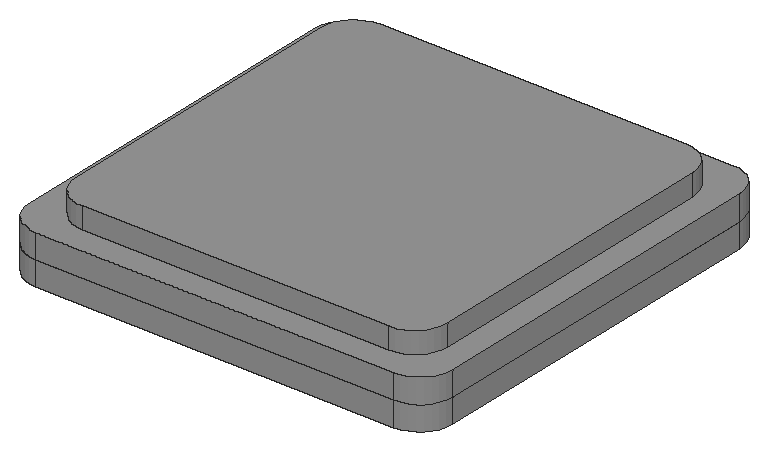
Revit family "FMS2_63_UN_Surface-mounted_ETK", category Lighting Fixtures, Revit 2019 (continued)
Definition of nested family "FMS.2 - Lightsource"
  Types (14, lengths in mm): name | Wattage Comments | Wattage | built-in parameter 1150134 | Photometric Web File | built-in parameter 1150142 | built-in parameter 1150105 | Lumens | built-in parameter 1150107 | built-in parameter 1150106 | Apparent Load
      981.0936\t980.235\t979.6626\r\n978.804\t977.9454\t977.0868\t975.6558\t974.511\t973.3662\t972.5076\t971.3628\t969.9318\t968.787\r\n967.6422\t965.925\t964.2078\t962.7768\t961.632\t960.4872\t959.0562\t957.339\t955.6218\t952.7598\r\n949.6116\t946.7496\t943.6014\t940.4532\t937.5912\t934.1568\t931.0086\t927.8604\t924.1398\t920.7054\r\n917.271\t913.8366\t910.6884\t907.254\t903.5334\t899.8128\t896.0922\t892.6578\t889.2234\t885.5028\r\n881.7822\t878.0616\t874.341\t870.6204\t866.6136\t862.3206\t857.169\t852.3036\t847.152\t842.0004\r\n836.5626\t831.411\t826.2594\t821.394\t816.2424\t811.0908\t805.9392\t800.7876\t795.3498\t789.6258\r\n784.188\t779.0364\t773.8848\t768.7332\t763.5816\t758.43\t753.2784\t747.8406\t742.1166\t735.8202\r\n728.9514\t722.3688\t716.0724\t709.4898\t703.1934\t696.897\t690.6006\t684.018\t677.1492\t670.5666\r\n663.984\t657.4014\t650.8188\t644.2362\t637.9398\t631.3572\t625.0608\t618.7644\t612.1818\t605.313\r\n598.4442\t591.003\t583.5618\t576.1206\t568.6794\t561.5244\t554.0832\t546.642\t539.2008\t532.0458\r\n524.6046\t517.4496\t510.2946\t502.8534\t495.6984\t488.2572\t481.1022\t473.9472\t466.7922\t459.0648\r\n451.0512\t443.0376\t435.3102\t427.2966\t419.5692\t411.5556\t403.8282\t395.8146\t388.0872\t380.3598\r\n372.3462\t364.6188\t356.8914\t349.164\t341.4366\t333.7092\t325.9818\t318.2544\t310.527\t302.5134\r\n294.786\t287.0586\t279.3884\t271.6897\t264.0195\t256.378\t248.765\t241.1807\t233.6251\t226.0694\r\n218.5709\t211.0725\t204.0034\t197.0201\t190.0368\t183.0821\t176.1561\t169.2587\t162.3613\t155.4638\r\n148.5664\t141.7262\t134.8574\t128.0459\t121.2343\t114.4514\t105.8368\t90.5251\t75.242\t59.9303\r\n44.6472\t29.3641\t14.0667\t0\t0\t0\t0\t0\t0\t0\r\n0\r\n985.6728\t985.1004\t984.528\t983.9556\t983.097\t982.2384\t981.666\t980.8074\t980.235\t979.3764\r\n978.5178\t977.9454\t977.0868\t975.942\t974.7972\t973.6524\t972.5076\t971.3628\t970.218\t969.0732\r\n967.9284\t966.7836\t965.6388\t963.9216\t962.4906\t960.7734\t959.6286\t957.0528\t954.477\t951.615\r\n948.753\t945.6048\t942.7428\t939.5946\t936.7326\t933.5844\t930.4362\t927.288\t924.1398\t920.9916\r\n917.8434\t914.6952\t911.2608\t907.8264\t904.392\t900.9576\t897.8094\t894.375\t890.6544\t886.9338\r\n883.2132\t879.2064\t874.9134\t870.3342\t865.755\t860.8896\t856.0242\t851.1588\t846.2934\t841.428\r\n836.2764\t831.411\t826.5456\t821.394\t816.2424\t811.377\t806.2254\t801.36\t796.2084\t791.343\r\n786.4776\t781.6122\t776.7468\t771.5952\t766.4436\t759.861\t753.5646\t747.2682\t740.9718\t734.6754\r\n728.379\t722.3688\t716.0724\t709.776\t703.4796\t697.1832\t690.8868\t684.3042\t677.7216\t671.4252\r\n665.1288\t658.8324\t652.536\t646.2396\t639.9432\t633.6468\t626.4918\t619.3368\t612.1818\t605.0268\r\n597.8718\t590.4306\t583.2756\t576.1206\t568.9656\t562.0968\t554.9418\t547.7868\t540.6318\t533.4768\r\n526.3218\t519.1668\t512.0118\t504.8568\t497.988\t490.5468\t482.5332\t474.8058\t467.0784\t459.351\r\n451.6236\t443.8962\t436.1688\t428.1552\t420.4278\t412.7004\t404.973\t397.2456\t389.5182\t381.7908\r\n374.0634\t366.6222\t358.8948\t351.1674\t343.1538\t335.4264\t327.699\t319.9716\t312.2442\t304.2306\r\n296.5032\t288.7758\t281.077\t273.4069\t265.7367\t258.0952\t250.4822\t242.8979\t235.285\t227.7866\r\n220.603\t213.448\t206.3216\t199.1952\t192.0974\t184.9997\t177.9305\t170.89\t163.8209\t156.7804\r\n149.7398\t142.7279\t135.716\t128.7328\t121.7495\t111.5894\t96.3635\t81.1377\t65.9119\t50.686\r\n35.4602\t20.2544\t5.0428\t0\t0\t0\t0\t0\t0\t0\r\n0\r\n985.6728\t985.1004\t984.2418\t983.6694\t983.097\t982.2384\t981.3798\t980.8074\t979.9488\t979.3764\r\n978.5178\t977.6592\t976.8006\t975.942\t975.0834\t974.2248\t973.08\t971.9352\t970.7904\t969.6456\r\n968.5008\t967.356\t966.2112\t965.0664\t963.9216\t961.632\t958.77\t955.908\t953.046\t950.184\r\n947.6082\t945.0324\t942.1704\t939.3084\t936.4464\t933.2982\t930.4362\t927.288\t924.426\t921.2778\r\n918.1296\t914.9814\t911.8332\t908.685\t905.5368\t902.3886\t899.2404\t896.0922\t892.6578\t888.0786\r\n883.4994\t878.9202\t874.341\t869.4756\t864.8964\t860.031\t855.1656\t850.3002\t845.721\t841.1418\r\n836.2764\t831.6972\t826.8318\t822.2526\t817.3872\t812.808\t807.9426\t803.0772\t798.2118\t793.3464\r\n788.481\t782.757\t776.4606\t770.4504\t764.4402\t758.43\t752.4198\t746.4096\t740.3994\t734.3892\r\n728.379\t722.3688\t716.3586\t710.0622\t703.7658\t697.7556\t691.4592\t685.449\t679.1526\t673.1424\r\n667.1322\t661.122\t654.2532\t647.3844\t640.5156\t633.6468\t626.4918\t619.3368\t612.468\t605.313\r\n598.4442\t591.2892\t584.1342\t577.2654\t570.1104\t563.2416\t556.0866\t549.2178\t542.349\t535.194\r\n528.3252\t521.4564\t513.729\t505.7154\t497.988\t490.2606\t482.8194\t475.092\t467.3646\t459.9234\r\n452.196\t444.7548\t437.0274\t429.5862\t421.8588\t414.1314\t406.6902\t398.9628\t391.5216\t384.0804\r\n376.0668\t368.3394\t360.3258\t352.5984\t344.5848\t336.8574\t328.8438\t321.1164\t313.389\t305.6616\r\n297.9342\t290.2068\t282.508\t274.8092\t267.1105\t259.4117\t251.7415\t244.1572\t236.8877\t229.6183\r\n222.3774\t215.1365\t207.9243\t200.7121\t193.4998\t186.3162\t179.1326\t171.9776\t164.8226\t157.6962\r\n150.5698\t143.4434\t136.3171\t129.2193\t118.5727\t103.3468\t88.1496\t72.9524\t57.7552\t42.5579\r\n27.375\t12.1807\t0\t0\t0\t0\t0\t0\t0\t0\r\n0\r\n985.6728\t985.1004\t984.2418\t983.6694\t983.097\t982.2384\t981.3798\t980.8074\t979.9488\t979.0902\r\n978.5178\t977.6592\t976.8006\t975.942\t975.0834\t974.2248\t973.3662\t972.5076\t971.3628\t970.5042\r\n969.3594\t968.2146\t967.0698\t965.925\t963.063\t960.4872\t957.9114\t955.3356\t952.7598\t949.8978\r\n947.0358\t944.46\t941.598\t938.736\t936.1602\t933.2982\t930.4362\t927.5742\t924.7122\t921.8502\r\n918.9882\t916.1262\t912.978\t910.116\t906.9678\t903.8196\t900.099\t895.806\t891.2268\t886.6476\r\n882.3546\t878.0616\t873.4824\t869.1894\t864.8964\t860.031\t855.4518\t850.8726\t846.2934\t841.7142\r\n837.135\t832.5558\t827.9766\t823.3974\t818.8182\t814.239\t809.6598\t805.0806\t799.3566\t793.3464\r\n787.3362\t781.6122\t775.602\t769.878\t763.8678\t758.1438\t752.4198\t746.4096\t740.3994\t734.6754\r\n728.6652\t722.9412\t716.931\t710.9208\t705.1968\t699.1866\t693.1764\t687.4524\t681.4422\t674.5734\r\n667.7046\t660.8358\t653.967\t647.0982\t640.2294\t633.3606\t626.4918\t619.623\t612.7542\t605.8854\r\n598.7304\t591.8616\t584.9928\t578.124\t571.2552\t564.3864\t557.5176\t550.6488\t543.78\t536.3388\r\n528.8976\t521.1702\t513.729\t506.0016\t498.5604\t491.1192\t483.3918\t475.9506\t468.2232\t460.782\r\n453.3408\t445.6134\t438.1722\t430.4448\t423.0036\t415.5624\t407.835\t400.3938\t392.3802\t384.6528\r\n376.9254\t368.9118\t361.1844\t353.457\t345.7296\t338.0022\t330.2748\t322.5474\t314.82\t307.0926\r\n299.3652\t291.3516\t283.7387\t275.9827\t268.2266\t260.4992\t253.1153\t245.7599\t238.4046\t231.0779\r\n223.7512\t216.4531\t209.155\t201.8855\t194.6446\t187.3751\t180.1343\t172.8648\t165.6239\t158.3831\r\n151.1422\t143.93\t136.6891\t126.5576\t111.3604\t96.1632\t80.966\t65.7974\t50.6002\t35.4316\r\n20.2487\t5.0715\t0\t0\t0\t0\t0\t0\t0\t0\r\n0\r\n985.6728\t985.1004\t984.2418\t983.6694\t982.8108\t982.2384\t981.3798\t980.8074\t979.9488\t979.0902\r\n978.2316\t977.6592\t976.8006\t975.942\t975.0834\t974.511\t973.6524\t972.7938\t971.9352\t971.0766\r\n969.9318\t969.0732\t968.2146\t965.6388\t963.063\t960.201\t957.6252\t955.0494\t952.1874\t949.6116\r\n947.0358\t944.46\t941.598\t939.0222\t936.1602\t933.5844\t930.7224\t928.1466\t925.2846\t922.7088\r\n919.8468\t916.9848\t913.8366\t910.9746\t907.8264\t903.5334\t899.2404\t894.9474\t890.9406\t886.6476\r\n882.0684\t877.7754\t873.1962\t868.9032\t864.324\t860.031\t855.4518\t851.1588\t846.5796\t842.2866\r\n837.9936\t833.7006\t829.4076\t825.1146\t820.8216\t816.2424\t810.2322\t804.5082\t798.498\t792.774\r\n786.7638\t781.326\t775.602\t769.878\t764.154\t758.7162\t752.9922\t747.2682\t741.258\t735.534\r\n729.81\t723.7998\t718.0758\t712.3518\t706.3416\t700.6176\t694.3212\t687.4524\t680.8698\t674.001\r\n667.1322\t660.2634\t653.6808\t646.812\t640.2294\t633.3606\t626.778\t620.1954\t613.3266\t606.744\r\n599.8752\t593.2926\t586.71\t579.8412\t573.2586\t566.3898\t559.2348\t551.7936\t544.3524\t536.9112\r\n529.1838\t521.7426\t514.3014\t506.574\t499.1328\t491.6916\t484.2504\t476.523\t469.0818\t461.6406\r\n454.1994\t446.472\t439.0308\t431.5896\t424.1484\t416.7072\t408.6936\t400.9662\t393.2388\t385.2252\r\n377.4978\t369.7704\t362.043\t354.3156\t346.302\t338.5746\t330.8472\t323.1198\t315.3924\t307.665\r\n299.9376\t292.2102\t284.6259\t276.9271\t269.4001\t262.0161\t254.6608\t247.2768\t239.9215\t232.5375\r\n225.1535\t217.7982\t210.4429\t203.0875\t195.7322\t188.3768\t181.0501\t173.6948\t166.3681\t159.0413\r\n151.7146\t144.3879\t135.8019\t120.6047\t105.3788\t90.1816\t74.9844\t59.7872\t44.59\t29.3641\r\n14.1783\t0\t0\t0\t0\t0\t0\t0\t0\t0\r\n0\r\n985.6728\t985.1004\t984.2418\t983.6694\t982.8108\t982.2384\t981.3798\t980.8074\t979.9488\t979.0902\r\n978.5178\t977.6592\t976.8006\t976.2282\t975.3696\t974.511\t973.6524\t972.7938\t972.2214\t971.3628\r\n970.5042\t969.6456\t967.6422\t965.0664\t962.4906\t959.9148\t957.339\t954.7632\t952.1874\t949.6116\r\n947.0358\t944.46\t941.8842\t939.3084\t936.7326\t934.1568\t931.2948\t928.719\t925.857\t923.2812\r\n920.4192\t917.5572\t914.9814\t911.2608\t907.254\t902.961\t898.9542\t894.9474\t890.6544\t886.3614\r\n882.0684\t877.4892\t873.1962\t868.9032\t864.6102\t860.3172\t856.0242\t851.7312\t847.4382\t843.1452\r\n838.8522\t834.5592\t830.2662\t825.9732\t820.5354\t814.8114\t809.3736\t803.6496\t797.9256\t792.4878\r\n786.7638\t781.326\t775.602\t769.878\t764.4402\t758.7162\t753.2784\t747.5544\t741.8304\t736.3926\r\n730.6686\t724.9446\t719.2206\t713.4966\t707.4864\t700.6176\t694.035\t687.1662\t680.5836\t673.7148\r\n667.1322\t660.5496\t653.967\t647.3844\t640.8018\t634.2192\t627.6366\t621.054\t614.4714\t607.8888\r\n601.3062\t594.4374\t587.8548\t580.986\t574.1172\t566.676\t558.9486\t551.5074\t544.0662\t536.625\r\n529.47\t522.0288\t514.5876\t507.1464\t499.7052\t492.264\t484.8228\t477.3816\t469.9404\t462.4992\r\n455.058\t447.6168\t440.4618\t433.0206\t425.2932\t417.5658\t409.5522\t401.8248\t394.0974\t386.37\r\n378.6426\t370.9152\t362.9016\t355.1742\t347.4468\t339.7194\t331.992\t324.2646\t316.5372\t308.8098\r\n301.0824\t293.355\t285.5704\t278.0719\t270.6307\t263.1895\t255.7483\t248.3071\t240.8659\t233.4533\r\n226.0408\t218.6282\t211.2156\t203.803\t196.4191\t189.0065\t181.6225\t174.2386\t166.8546\t159.4993\r\n152.1153\t144.76\t130.9651\t115.7393\t100.5134\t85.2876\t70.0618\t54.8359\t39.6101\t24.3699\r\n9.1412\t0\t0\t0\t0\t0\t0\t0\t0\t0\r\n0\r\n985.6728\t985.1004\t984.2418\t983.6694\t982.8108\t982.2384\t981.3798\t980.8074\t979.9488\t979.3764\r\n978.5178\t977.6592\t977.0868\t976.2282\t975.3696\t974.7972\t973.9386\t973.3662\t972.5076\t971.649\r\n970.7904\t969.6456\t967.0698\t964.494\t961.9182\t959.3424\t957.0528\t954.477\t951.9012\t949.3254\r\n947.0358\t944.46\t941.8842\t939.3084\t936.7326\t934.1568\t931.581\t929.0052\t926.4294\t924.1398\r\n921.564\t918.9882\t915.2676\t910.9746\t906.9678\t902.961\t898.668\t894.6612\t890.3682\t886.0752\r\n881.7822\t877.7754\t873.4824\t869.1894\t864.8964\t860.8896\t856.5966\t852.5898\t848.2968\t844.29\r\n839.997\t835.9902\t831.411\t825.687\t820.2492\t814.8114\t809.0874\t803.6496\t797.9256\t792.4878\r\n786.7638\t781.326\t775.602\t770.1642\t764.7264\t759.0024\t753.5646\t747.8406\t742.4028\t736.6788\r\n731.241\t725.517\t720.0792\t713.2104\t706.6278\t700.3314\t693.7488\t687.1662\t680.5836\t674.001\r\n667.4184\t661.122\t654.5394\t647.9568\t641.3742\t634.7916\t628.209\t621.6264\t615.0438\t608.4612\r\n601.8786\t595.296\t588.7134\t581.2722\t573.831\t566.3898\t558.9486\t551.7936\t544.3524\t536.9112\r\n529.7562\t522.315\t514.8738\t507.7188\t500.2776\t493.1226\t485.6814\t478.2402\t471.0852\t463.644\r\n456.2028\t449.0478\t441.6066\t433.593\t425.8656\t418.1382\t410.4108\t402.6834\t394.6698\t386.9424\r\n379.215\t371.4876\t363.7602\t356.0328\t348.0192\t340.2918\t332.5644\t324.837\t317.1096\t309.3822\r\n301.6548\t293.9274\t286.2\t278.8447\t271.3748\t263.9336\t256.4924\t249.0512\t241.61\t234.1688\r\n226.7276\t219.2864\t211.8452\t204.404\t196.9915\t189.5503\t182.1091\t174.6679\t167.2267\t159.7855\r\n152.3729\t142.3273\t127.1014\t111.847\t96.5925\t81.3667\t66.1122\t50.8864\t35.6319\t20.4061\r\n5.1688\t0\t0\t0\t0\t0\t0\t0\t0\t0\r\n0\r\n985.6728\t985.1004\t984.2418\t983.3832\t982.8108\t981.9522\t981.3798\t980.5212\t979.9488\t979.3764\r\n978.5178\t977.9454\t977.0868\t976.5144\t975.6558\t975.0834\t974.2248\t973.6524\t972.7938\t971.9352\r\n971.3628\t969.3594\t966.7836\t964.494\t961.9182\t959.3424\t956.7666\t954.1908\t951.615\t949.3254\r\n946.7496\t944.1738\t941.598\t939.0222\t936.7326\t934.1568\t931.581\t929.0052\t926.4294\t924.1398\r\n921.564\t918.4158\t914.409\t910.116\t906.1092\t902.1024\t897.8094\t893.8026\t889.7958\t885.5028\r\n881.496\t877.203\t873.1962\t869.1894\t864.8964\t860.8896\t856.5966\t852.5898\t848.2968\t844.29\r\n839.997\t835.704\t830.2662\t824.8284\t819.3906\t813.9528\t808.515\t803.0772\t797.6394\t792.2016\r\n786.4776\t781.0398\t775.602\t770.1642\t764.7264\t759.0024\t753.5646\t748.1268\t742.689\t736.965\r\n731.5272\t725.8032\t719.5068\t712.9242\t706.3416\t699.759\t693.4626\t686.88\t680.2974\t673.7148\r\n667.1322\t660.5496\t654.2532\t647.6706\t641.088\t634.5054\t627.9228\t621.6264\t615.0438\t608.4612\r\n601.8786\t595.296\t587.8548\t580.6998\t573.2586\t566.1036\t558.6624\t551.5074\t544.0662\t536.9112\r\n529.47\t522.315\t514.8738\t507.7188\t500.2776\t493.1226\t485.6814\t478.5264\t471.0852\t463.9302\r\n456.489\t449.0478\t441.3204\t433.593\t425.8656\t418.1382\t410.1246\t402.3972\t394.6698\t386.9424\r\n379.215\t371.4876\t363.7602\t356.0328\t348.3054\t340.578\t332.8506\t325.1232\t317.3958\t309.6684\r\n301.941\t294.2136\t286.7724\t279.274\t271.8041\t264.3343\t256.8645\t249.4233\t241.9535\t234.4837\r\n227.0425\t219.5726\t212.1028\t204.6616\t197.1918\t189.7506\t182.2808\t174.8396\t167.3698\t159.9286\r\n152.4587\t139.5511\t124.2967\t109.0422\t93.7877\t78.5619\t63.3074\t48.053\t32.7985\t17.5555\r\n2.3053\t0\t0\t0\t0\t0\t0\t0\t0\t0\r\n0\r\n985.6728\t985.1004\t984.2418\t983.3832\t982.8108\t981.9522\t981.3798\t980.5212\t979.9488\t979.0902\r\n978.5178\t977.6592\t977.0868\t976.2282\t975.6558\t975.0834\t974.2248\t973.6524\t972.7938\t972.2214\r\n971.649\t969.3594\t966.7836\t964.2078\t961.9182\t959.3424\t956.7666\t954.1908\t951.9012\t949.3254\r\n946.7496\t944.1738\t941.8842\t939.3084\t936.7326\t934.1568\t931.8672\t929.2914\t926.7156\t924.426\r\n921.8502\t917.8434\t913.8366\t909.8298\t905.823\t901.53\t897.5232\t893.5164\t889.2234\t885.2166\r\n881.2098\t877.203\t872.91\t868.9032\t864.8964\t860.8896\t856.5966\t852.5898\t848.583\t844.5762\r\n840.2832\t835.1316\t829.6938\t824.256\t819.1044\t813.6666\t808.2288\t802.791\t797.3532\t791.9154\r\n786.4776\t781.0398\t775.602\t770.1642\t764.7264\t759.2886\t753.8508\t748.413\t742.9752\t737.5374\r\n732.0996\t725.8032\t719.2206\t712.9242\t706.3416\t699.759\t693.4626\t686.88\t680.2974\t674.001\r\n667.4184\t661.122\t654.5394\t647.9568\t641.6604\t635.0778\t628.4952\t622.1988\t615.6162\t609.0336\r\n602.7372\t595.5822\t588.141\t580.986\t573.5448\t566.3898\t559.2348\t551.7936\t544.6386\t537.1974\r\n530.0424\t522.6012\t515.4462\t508.005\t500.85\t493.4088\t486.2538\t478.8126\t471.6576\t464.2164\r\n457.0614\t449.334\t441.6066\t433.8792\t426.1518\t418.4244\t410.697\t402.9696\t394.956\t387.2286\r\n379.5012\t371.7738\t364.0464\t356.319\t348.5916\t340.8642\t333.1368\t325.4094\t317.682\t309.6684\r\n301.941\t294.4998\t287.0586\t279.5888\t272.119\t264.6205\t257.1507\t249.6809\t242.2111\t234.7412\r\n227.2428\t219.773\t212.3032\t204.8333\t197.3635\t189.8651\t182.3953\t174.9254\t167.4556\t159.9858\r\n152.4874\t137.8339\t122.5795\t107.325\t92.0705\t76.8161\t61.5902\t46.3358\t31.0813\t15.8269\r\n0.5776\t0\t0\t0\t0\t0\t0\t0\t0\t0\r\n0\r\n985.6728\t985.1004\t984.2418\t983.6694\t982.8108\t981.9522\t981.3798\t980.5212\t979.9488\t979.0902\r\n978.5178\t977.6592\t976.8006\t976.2282\t975.3696\t974.7972\t973.9386\t973.3662\t972.5076\t971.9352\r\n971.0766\t968.5008\t966.2112\t963.6354\t961.3458\t958.77\t956.4804\t953.9046\t951.615\t949.0392\r\n946.7496\t944.1738\t941.8842\t939.3084\t937.0188\t934.443\t932.1534\t929.5776\t927.288\t924.7122\r\n922.4226\t918.1296\t914.1228\t910.116\t905.823\t901.8162\t897.8094\t893.5164\t889.5096\t885.2166\r\n881.2098\t877.203\t872.91\t868.9032\t864.8964\t860.6034\t856.5966\t852.5898\t848.2968\t844.29\r\n839.997\t834.8454\t829.4076\t823.9698\t818.532\t813.0942\t807.9426\t802.5048\t797.067\t791.6292\r\n786.1914\t780.7536\t775.602\t770.1642\t764.7264\t759.2886\t753.8508\t748.6992\t743.2614\t737.8236\r\n732.3858\t726.0894\t719.5068\t712.9242\t706.6278\t700.0452\t693.4626\t687.1662\t680.5836\t674.001\r\n667.7046\t661.122\t654.5394\t648.243\t641.6604\t635.0778\t628.7814\t622.1988\t615.6162\t609.3198\r\n602.7372\t595.5822\t588.141\t580.986\t573.5448\t566.3898\t558.9486\t551.7936\t544.3524\t537.1974\r\n529.7562\t522.6012\t515.16\t508.005\t500.5638\t493.4088\t485.9676\t478.8126\t471.3714\t464.2164\r\n456.7752\t449.0478\t441.3204\t433.593\t425.8656\t418.1382\t410.4108\t402.6834\t394.956\t387.2286\r\n379.215\t371.4876\t363.7602\t356.0328\t348.3054\t340.578\t332.8506\t325.1232\t317.3958\t309.6684\r\n301.941\t294.4998\t287.0586\t279.4743\t272.0045\t264.5347\t257.0648\t249.595\t242.1252\t234.6554\r\n227.1856\t219.7157\t212.2459\t204.7761\t197.3063\t189.8365\t182.3666\t174.8968\t167.427\t159.9572\r\n152.4874\t137.2329\t121.9784\t106.7526\t91.4981\t76.2437\t60.9892\t45.7348\t30.5089\t15.2487\r\n0\t0\t0\t0\t0\t0\t0\t0\t0\t0\r\n0\r\n985.6728\t985.1004\t984.2418\t983.3832\t982.8108\t981.9522\t981.0936\t980.5212\t979.6626\t979.0902\r\n978.2316\t977.6592\t976.8006\t976.2282\t975.3696\t974.7972\t973.9386\t973.3662\t972.5076\t971.9352\r\n971.3628\t968.787\t966.4974\t963.9216\t961.3458\t959.0562\t956.4804\t953.9046\t951.3288\t949.0392\r\n946.4634\t943.8876\t941.598\t939.0222\t936.7326\t934.1568\t931.581\t929.2914\t926.7156\t924.426\r\n922.1364\t918.1296\t914.1228\t910.116\t905.823\t901.8162\t897.8094\t893.5164\t889.5096\t885.2166\r\n881.2098\t877.203\t872.91\t868.9032\t864.6102\t860.6034\t856.3104\t852.3036\t848.0106\t844.0038\r\n839.7108\t834.5592\t829.1214\t823.6836\t818.2458\t812.808\t807.6564\t802.2186\t796.7808\t791.343\r\n785.9052\t780.4674\t
